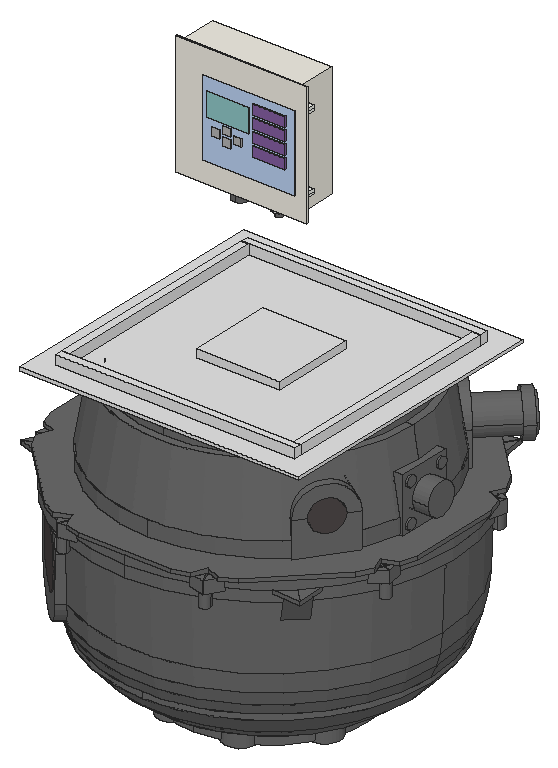
Revit family "280550x (200)", category Generic Models, Revit 2021 (continued)
Definition of nested family "280550x (200)_part2_X0Y0"
  Definition of nested family "280550x (200)_part2_content"
    Forms (mm)
      Extrusion 18, solid, detail levels medium+fine
        sketch origin (-222, -222, 468.5) x (0, 1, 0) y (0, 0, 1)
          loop
            line (0, 5) -> (0, 0) -> (444, 0) -> (444, 5) -> (0, 5)
        from 0 to 444
      Extrusion 19, solid, detail levels medium+fine
        sketch origin (-66, -66, 473.5) x (0, 1, 0) y (0, 0, 1)
          loop
            line (0, 12) -> (0, 0) -> (132, 0) -> (132, 12) -> (0, 12)
        from 0 to 132
      Extrusion 20, solid, detail levels medium+fine
        sketch origin (0, 60, 320) x (0, -1, 0) y (0, 0, 1)
          loop
            line (0, 50) -> (0, 0) -> (120, 0) -> (120, 50) -> (0, 50)
        from 0 to 245.5
      Extrusion 21, solid, detail levels medium+fine
        sketch origin (0, 0, 370) x (0, -1, 0) y (0, 0, 1)
          loop
            circle (0, 0) r 60
        from 0 to 245.5
      Extrusion 22, solid, detail levels medium+fine
        sketch origin (-244, 0, 370) x (0, -1, 0) y (0, 0, 1)
          loop
            circle (0, 0) r 35.1
        from 0 to 1.75
      Extrusion 23, solid, detail levels medium+fine
        sketch origin (31.82, -31.82, 320) x (-0.707107, 0.707107, 0) y (0, 0, 1)
          loop
            line (0, 55.25) -> (0, 0) -> (90, 0) -> (90, 55.25) -> (0, 55.25)
        from 0 to 245.5
      Extrusion 24, solid, detail levels medium+fine
        sketch origin (0, 0, 375.25) x (-0.707107, 0.707107, 0) y (0, 0, 1)
          loop
            circle (0, 0) r 45
        from 0 to 245.5
      Extrusion 25, solid, detail levels medium+fine
        sketch origin (0, 0, 370) x (-0.707107, 0.707107, 0) y (0, 0, 1)
          loop
            circle (0, 0) r 27.7
        from 0 to 311.36
      Extrusion 26, solid, detail levels medium+fine
        sketch origin (0, 27.5, 332.75) x (0, 1, 0) y (0, 0, 1)
          loop
            circle (0, 0) r 8
        from 0 to 250
      Extrusion 27, solid, detail levels medium+fine
        sketch origin (0, -46.25, 320) x (0, 1, 0) y (0, 0, 1)
          loop
            line (0, 86.5) -> (0, 0) -> (86.5, 0) -> (86.5, 86.5) -> (0, 86.5)
        from 0 to 245.5
      Extrusion 28, solid, detail levels medium+fine
        sketch origin (0, -3, 363.25) x (0, 1, 0) y (0, 0, 1)
          loop
            circle (0, 0) r 24.75
        from 0 to 272.5
      Extrusion 29, solid, detail levels medium+fine
        sketch origin (0, 27.5, 393.75) x (0, 1, 0) y (0, 0, 1)
          loop
            circle (0, 0) r 8
        from 0 to 250
      Extrusion 30, solid, detail levels medium+fine
        sketch origin (0, -33.5, 332.75) x (0, 1, 0) y (0, 0, 1)
          loop
            circle (0, 0) r 8
        from 0 to 250
      Extrusion 31, solid, detail levels medium+fine
        sketch origin (0, -33.5, 393.75) x (0, 1, 0) y (0, 0, 1)
          loop
            circle (0, 0) r 8
        from 0 to 250
      Extrusion 32, solid, detail levels medium+fine
        sketch origin (-25.811, -36.862, 320) x (0.573577, 0.819152, 0) y (0, 0, 1)
          loop
            line (0, 55.25) -> (0, 0) -> (90, 0) -> (90, 55.25)
            arc (90, 55.25) -> (45, 100.25) -> (0, 55.25) r 45
        from 0 to 245.5
      Extrusion 33, solid, detail levels medium+fine
        sketch origin (-25.811, -36.862, 320) x (0.573577, 0.819152, 0) y (0, 0, 1)
          loop
            line (-0.5, 55.25) -> (-0.5, -0.5) -> (90, -0.5) -> (90, 55.25) -> (-0.5, 55.25)
        from 0 to 245.5
      Extrusion 34, solid, detail levels medium+fine
        sketch origin (199.873, -139.953, 375.25) x (0.573577, 0.819152, 0) y (0, 0, 1)
          loop
            circle (0, 0) r 25
        from 0 to 1.75
      Extrusion 35, solid, detail levels medium+fine
        sketch origin (-53.002, 127.957, 0) x (-0.92388, -0.382683, 0) y (0.382683, -0.92388, 0)
          loop
            circle (0, 0) r 25
        from 0 to 28.5
      Extrusion 36, solid, detail levels medium+fine
        sketch origin (-127.957, -53.002, 0) x (0.382683, -0.92388, 0) y (0.92388, 0.382683, 0)
          loop
            circle (0, 0) r 25
        from 0 to 28.5
      Extrusion 37, solid, detail levels medium+fine
        sketch origin (53.002, -127.957, 0) x (0.92388, 0.382683, 0) y (-0.382683, 0.92388, 0)
          loop
            circle (0, 0) r 25
        from 0 to 28.5
      Extrusion 38, solid, detail levels medium+fine
        sketch origin (53.002, 127.957, 0) x (-0.923879, 0.382684, 0) y (-0.382684, -0.923879, 0)
          loop
            circle (0, 0) r 25
        from 0 to 28.5
      Extrusion 39, solid, detail levels medium+fine
        sketch origin (-127.957, 53.002, 0) x (-0.382684, -0.923879, 0) y (0.923879, -0.382684, 0)
          loop
            circle (0, 0) r 25
        from 0 to 28.5
      Extrusion 40, solid, detail levels medium+fine
        sketch origin (-53.002, -127.957, 0) x (0.923879, -0.382684, 0) y (0.382684, 0.923879, 0)
          loop
            circle (0, 0) r 25
        from 0 to 28.5
      Extrusion 41, solid, detail levels medium+fine
        sketch origin (127.957, -53.002, 0) x (0.382684, 0.923879, 0) y (-0.923879, 0.382684, 0)
          loop
            circle (0, 0) r 25
        from 0 to 28.5
      Extrusion 42, solid, detail levels medium+fine
        sketch origin (127.957, 53.002, 0) x (-0.382683, 0.92388, 0) y (-0.92388, -0.382683, 0)
          loop
            circle (0, 0) r 25
        from 0 to 28.5
      Extrusion 43, solid, detail levels medium+fine
        sketch origin (0, 0, 209) x (0, -1, 0) y (0, 0, 1)
          loop
            line (-72.693, 35.337) -> (-68.918, -37.767)
            arc (-68.918, -37.767) -> (-63.198, -56.139) -> (-50.593, -70.678) r 46.983
            line (-50.593, -70.678) -> (-49.193, -71.697)
            arc (-49.193, -71.697) -> (-25.794, -83.147) -> (0, -86.788) r 83.079
            arc (0, -86.788) -> (25.794, -83.147) -> (49.193, -71.697) r 83.079
            line (49.193, -71.697) -> (50.593, -70.678)
            arc (50.593, -70.678) -> (63.198, -56.139) -> (68.918, -37.767) r 46.983
            line (68.918, -37.767) -> (72.693, 35.337)
            arc (72.693, 35.337) -> (71.616, 38.805) -> (69.783, 41.939) r 15.989
            arc (69.783, 41.939) -> (60.032, 51.336) -> (48.652, 58.679) r 69.984
            line (48.652, 58.679) -> (47.252, 59.417)
            arc (47.252, 59.417) -> (24.369, 68.322) -> (0, 71.344) r 99.373
            arc (0, 71.344) -> (-24.369, 68.322) -> (-47.252, 59.417) r 99.373
            line (-47.252, 59.417) -> (-48.652, 58.679)
            arc (-48.652, 58.679) -> (-60.032, 51.336) -> (-69.783, 41.939) r 69.984
            arc (-69.783, 41.939) -> (-71.616, 38.805) -> (-72.693, 35.337) r 15.989
        from 0 to 277.5
      Extrusion 44, solid, detail levels medium+fine
        sketch origin (0, 0, 209) x (0, -1, 0) y (0, 0, 1)
          loop
            circle (0, 0) r 55
        from 0 to 326
      Extrusion 45, solid, detail levels medium+fine
        sketch origin (0, 0, 209) x (0.707107, -0.707107, 0) y (0, 0, 1)
          loop
            line (-72.693, 35.337) -> (-68.918, -37.767)
            arc (-68.918, -37.767) -> (-63.198, -56.139) -> (-50.593, -70.678) r 46.983
            line (-50.593, -70.678) -> (-49.193, -71.697)
            arc (-49.193, -71.697) -> (-25.794, -83.147) -> (0, -86.788) r 83.079
            arc (0, -86.788) -> (25.794, -83.147) -> (49.193, -71.697) r 83.079
            line (49.193, -71.697) -> (50.593, -70.678)
            arc (50.593, -70.678) -> (63.198, -56.139) -> (68.918, -37.767) r 46.983
            line (68.918, -37.767) -> (72.693, 35.337)
            arc (72.693, 35.337) -> (71.616, 38.805) -> (69.783, 41.939) r 15.989
            arc (69.783, 41.939) -> (60.032, 51.336) -> (48.652, 58.679) r 69.984
            line (48.652, 58.679) -> (47.252, 59.417)
            arc (47.252, 59.417) -> (24.369, 68.322) -> (0, 71.344) r 99.373
            arc (0, 71.344) -> (-24.369, 68.322) -> (-47.252, 59.417) r 99.373
            line (-47.252, 59.417) -> (-48.652, 58.679)
            arc (-48.652, 58.679) -> (-60.032, 51.336) -> (-69.783, 41.939) r 69.984
            arc (-69.783, 41.939) -> (-71.616, 38.805) -> (-72.693, 35.337) r 15.989
        from 0 to 277.5
      Extrusion 46, solid, detail levels medium+fine
        sketch origin (0, 0, 209) x (-0.707107, -0.707107, 0) y (0, 0, 1)
          loop
            line (-72.693, 35.337) -> (-68.918, -37.767)
            arc (-68.918, -37.767) -> (-63.198, -56.139) -> (-50.593, -70.678) r 46.983
            line (-50.593, -70.678) -> (-49.193, -71.697)
            arc (-49.193, -71.697) -> (-25.794, -83.147) -> (0, -86.788) r 83.079
            arc (0, -86.788) -> (25.794, -83.147) -> (49.193, -71.697) r 83.079
            line (49.193, -71.697) -> (50.593, -70.678)
            arc (50.593, -70.678) -> (63.198, -56.139) -> (68.918, -37.767) r 46.983
            line (68.918, -37.767) -> (72.693, 35.337)
            arc (72.693, 35.337) -> (71.616, 38.805) -> (69.783, 41.939) r 15.989
            arc (69.783, 41.939) -> (60.032, 51.336) -> (48.652, 58.679) r 69.984
            line (48.652, 58.679) -> (47.252, 59.417)
            arc (47.252, 59.417) -> (24.369, 68.322) -> (0, 71.344) r 99.373
            arc (0, 71.344) -> (-24.369, 68.322) -> (-47.252, 59.417) r 99.373
            line (-47.252, 59.417) -> (-48.652, 58.679)
            arc (-48.652, 58.679) -> (-60.032, 51.336) -> (-69.783, 41.939) r 69.984
            arc (-69.783, 41.939) -> (-71.616, 38.805) -> (-72.693, 35.337) r 15.989
        from 0 to 277.5
      Extrusion 47, solid, detail levels medium+fine
        sketch origin (-195.161, -195.161, 209) x (0.707107, -0.707107, 0) y (0, 0, 1)
          loop
            circle (0, 0) r 50.1
        from 0 to 1.75
      Extrusion 48, solid, detail levels medium+fine
        sketch origin (-195.162, 195.162, 209) x (-0.707107, -0.707107, 0) y (0, 0, 1)
          loop
            circle (0, 0) r 50.1
        from 0 to 1.75
      Extrusion 49, solid, detail levels medium+fine
        sketch origin (220.165, 220.165, 370) x (-0.707107, 0.707107, 0) y (0, 0, 1)
          loop
            circle (0, 0) r 34.75
        from 0 to 15.7
      Extrusion 50, solid, detail levels medium+fine
        sketch origin (230.559, 230.559, 370) x (-0.707107, 0.707107, 0) y (0, 0, 1)
          loop
            circle (0, 0) r 27.7
        from 0 to 4.8
      Extrusion 51, solid, detail levels medium+fine
        sketch origin (232.893, 232.893, 370) x (-0.707107, 0.707107, 0) y (0, 0, 1)
          loop
            circle (0, 0) r 20
        from 0 to 1.7
      Extrusion 52, solid, detail levels medium+fine
        sketch origin (240.105, 225.963, 364) x (-0.707107, 0.707107, 0) y (0, 0, 1)
          loop
            circle (0, 0) r 4.2
        from 0 to 1.8
      Extrusion 53, solid, detail levels medium+fine
        sketch origin (240.105, 225.963, 376) x (-0.707107, 0.707107, 0) y (0, 0, 1)
          loop
            circle (0, 0) r 4.2
        from 0 to 1.8
      Extrusion 54, solid, detail levels medium+fine
        sketch origin (225.963, 240.105, 376) x (-0.707107, 0.707107, 0) y (0, 0, 1)
          loop
            circle (0, 0) r 4.2
        from 0 to 1.8
      Extrusion 55, solid, detail levels medium+fine
        sketch origin (225.963, 240.105, 364) x (-0.707107, 0.707107, 0) y (0, 0, 1)
          loop
            circle (0, 0) r 4.2
        from 0 to 1.8
      Extrusion 56, solid, detail levels medium+fine
        sketch origin (-259.107, -87.843, 294.5) x (-0.92388, -0.382683, 0) y (0, 0, -1)
          loop
            line (0, 48.5) -> (0, 0) -> (29.9, 0) -> (0, 48.5)
        from 0 to 36
      Extrusion 57, solid, detail levels medium+fine
        sketch origin (-272.082, -112.7, 273) x (0.382683, -0.92388, 0) y (0.92388, 0.382683, 0)
          loop
            circle (0, 0) r 7.75
        from 0 to 21.5
      Extrusion 58, solid, detail levels medium+fine
        sketch origin (-265.153, -109.83, 300) x (-0.92388, -0.382683, 0) y (-0.382683, 0.92388, 0)
          loop
            line (36.5, 0) -> (0, 0) -> (0, -32) -> (36.5, 0)
        from 0 to 5.5
      Extrusion 59, solid, detail levels medium+fine
        sketch origin (-265.153, -109.83, 314) x (-0.92388, -0.382683, 0) y (-0.382683, 0.92388, 0)
          loop
            line (17, 0) -> (0, 0) -> (0, -25) -> (17, 0)
        from 0 to 14
      Extrusion 60, solid, detail levels medium+fine
        sketch origin (-265.153, -109.83, 294.5) x (-0.382683, 0.92388, 0) y (-0.92388, -0.382683, 0)
          loop
            line (0, 36.5) -> (0, 0) -> (32, 0) -> (0, 36.5)
        from 0 to 5.5
      Extrusion 61, solid, detail levels medium+fine
        sketch origin (-265.153, -109.83, 300) x (-0.382683, 0.92388, 0) y (-0.92388, -0.382683, 0)
          loop
            line (0, 17) -> (0, 0) -> (25, 0) -> (0, 17)
        from 0 to 14
      Extrusion 62, solid, detail levels medium+fine
        sketch origin (-245.331, 121.102, 294.5) x (-0.923879, 0.382684, 0) y (0, 0, -1)
          loop
            line (0, 48.5) -> (0, 0) -> (29.9, 0) -> (0, 48.5)
        from 0 to 36
      Extrusion 63, solid, detail levels medium+fine
        sketch origin (-272.082, 112.7, 273) x (-0.382684, -0.923879, 0) y (0.923879, -0.382684, 0)
          loop
            circle (0, 0) r 7.75
        from 0 to 21.5
      Extrusion 64, solid, detail levels medium+fine
        sketch origin (-265.153, 109.83, 300) x (-0.923879, 0.382684, 0) y (0.382684, 0.923879, 0)
          loop
            line (36.5, 0) -> (0, 0) -> (0, -32) -> (36.5, 0)
        from 0 to 5.5
      Extrusion 65, solid, detail levels medium+fine
        sketch origin (-265.153, 109.83, 314) x (-0.923879, 0.382684, 0) y (0.382684, 0.923879, 0)
          loop
            line (17, 0) -> (0, 0) -> (0, -25) -> (17, 0)
        from 0 to 14
      Extrusion 66, solid, detail levels medium+fine
        sketch origin (-265.153, 109.83, 294.5) x (0.382684, 0.923879, 0) y (-0.923879, 0.382684, 0)
          loop
            line (0, 36.5) -> (0, 0) -> (32, 0) -> (0, 36.5)
        from 0 to 5.5
      Extrusion 67, solid, detail levels medium+fine
        sketch origin (-265.153, 109.83, 300) x (0.382684, 0.923879, 0) y (-0.923879, 0.382684, 0)
          loop
            line (0, 17) -> (0, 0) -> (25, 0) -> (0, 17)
        from 0 to 14
      Extrusion 68, solid, detail levels medium+fine
        sketch origin (-190, 178, 473.5) x (0, 1, 0) y (0, 0, 1)
          loop
            line (0, 15) -> (0, 0) -> (12, 0) -> (12, 15) -> (0, 15)
        from 0 to 380
      Extrusion 69, solid, detail levels medium+fine
        sketch origin (-190, -190, 473.5) x (0, 1, 0) y (0, 0, 1)
          loop
            line (0, 15) -> (0, 0) -> (12, 0) -> (12, 15) -> (0, 15)
        from 0 to 380
      Extrusion 70, solid, detail levels medium+fine
        sketch origin (-190, -178, 473.5) x (0, 1, 0) y (0, 0, 1)
          loop
            line (0, 15) -> (0, 0) -> (356, 0) -> (356, 15) -> (0, 15)
        from 0 to 12
      Extrusion 71, solid, detail levels medium+fine
        sketch origin (178, -178, 473.5) x (0, 1, 0) y (0, 0, 1)
          loop
            line (0, 15) -> (0, 0) -> (356, 0) -> (356, 15) -> (0, 15)
        from 0 to 12
      Extrusion 72, solid, detail levels medium+fine
        sketch origin (180.312, -205.768, 294.5) x (0.707106, -0.707107, 0) y (0, 0, -1)
          loop
            line (0, 48.5) -> (0, 0) -> (29.9, 0) -> (0, 48.5)
        from 0 to 36
      Extrusion 73, solid, detail levels medium+fine
        sketch origin (202.939, -202.939, 300) x (0.707106, -0.707107, 0) y (-0.707107, -0.707106, 0)
          loop
            line (36.5, 0) -> (0, 0) -> (0, -32) -> (36.5, 0)
        from 0 to 5.5
      Extrusion 74, solid, detail levels medium+fine
        sketch origin (202.939, -202.939, 294.5) x (-0.707107, -0.707106, 0) y (0.707106, -0.707107, 0)
          loop
            line (0, 36.5) -> (0, 0) -> (32, 0) -> (0, 36.5)
        from 0 to 5.5
      Extrusion 75, solid, detail levels medium+fine
        sketch origin (171.331, 213.304, 294.5) x (0.573577, 0.819151, 0) y (0, 0, -1)
          loop
            line (0, 48.5) -> (0, 0) -> (29.9, 0) -> (0, 48.5)
        from 0 to 36
      Extrusion 76, solid, detail levels medium+fine
        sketch origin (164.616, 235.097, 294.5) x (0.819151, -0.573577, 0) y (0.573577, 0.819151, 0)
          loop
            line (0, 36.5) -> (0, 0) -> (32, 0) -> (0, 36.5)
        from 0 to 5.5
      Extrusion 77, solid, detail levels medium+fine
        sketch origin (164.616, 235.097, 300) x (0.573577, 0.819151, 0) y (0.819151, -0.573577, 0)
          loop
            line (36.5, 0) -> (0, 0) -> (0, -32) -> (36.5, 0)
        from 0 to 5.5
      Extrusion 78, solid, detail levels medium+fine
        sketch origin (109.83, 265.153, 294.5) x (0.923879, -0.382684, 0) y (0.382684, 0.923879, 0)
          loop
            line (0, 17) -> (0, 0) -> (25, 0) -> (0, 17)
        from 0 to 19.5
      Extrusion 79, solid, detail levels medium+fine
        sketch origin (112.7, 272.082, 273) x (-0.923879, 0.382684, 0) y (-0.382684, -0.923879, 0)
          loop
            circle (0, 0) r 7.75
        from 0 to 21.5
      Extrusion 80, solid, detail levels medium+fine
        sketch origin (109.83, 265.153, 314) x (0.382684, 0.923879, 0) y (0.923879, -0.382684, 0)
          loop
            line (17, 0) -> (0, 0) -> (0, -25) -> (17, 0)
        from 0 to 19.5
      Extrusion 81, solid, detail levels medium+fine
        sketch origin (272.082, 112.7, 273) x (-0.382683, 0.92388, 0) y (-0.92388, -0.382683, 0)
          loop
            circle (0, 0) r 7.75
        from 0 to 21.5
      Extrusion 82, solid, detail levels medium+fine
        sketch origin (265.153, 109.83, 314) x (0.92388, 0.382683, 0) y (0.382683, -0.92388, 0)
          loop
            line (17, 0) -> (0, 0) -> (0, -25) -> (17, 0)
        from 0 to 19.5
      Extrusion 83, solid, detail levels medium+fine
        sketch origin (265.153, 109.83, 294.5) x (0.382683, -0.92388, 0) y (0.92388, 0.382683, 0)
          loop
            line (0, 17) -> (0, 0) -> (25, 0) -> (0, 17)
        from 0 to 19.5
      Extrusion 84, solid, detail levels medium+fine
        sketch origin (-112.7, 272.082, 273) x (-0.92388, -0.382683, 0) y (0.382683, -0.92388, 0)
          loop
            circle (0, 0) r 7.75
        from 0 to 21.5
      Extrusion 85, solid, detail levels medium+fine
        sketch origin (-109.83, 265.153, 314) x (-0.382683, 0.92388, 0) y (0.92388, 0.382683, 0)
          loop
            line (17, 0) -> (0, 0) -> (0, -25) -> (17, 0)
        from 0 to 19.5
      Extrusion 86, solid, detail levels medium+fine
        sketch origin (-109.83, 265.153, 294.5) x (0.92388, 0.382683, 0) y (-0.382683, 0.92388, 0)
          loop
            line (0, 17) -> (0, 0) -> (25, 0) -> (0, 17)
        from 0 to 19.5
      Extrusion 87, solid, detail levels medium+fine
        sketch origin (272.082, -112.7, 273) x (0.382684, 0.923879, 0) y (-0.923879, 0.382684, 0)
          loop
            circle (0, 0) r 7.75
        from 0 to 21.5
      Extrusion 88, solid, detail levels medium+fine
        sketch origin (265.153, -109.83, 294.5) x (-0.382684, -0.923879, 0) y (0.923879, -0.382684, 0)
          loop
            line (0, 17) -> (0, 0) -> (25, 0) -> (0, 17)
        from 0 to 19.5
      Extrusion 89, solid, detail levels medium+fine
        sketch origin (265.153, -109.83, 314) x (0.923879, -0.382684, 0) y (-0.382684, -0.923879, 0)
          loop
            line (17, 0) -> (0, 0) -> (0, -25) -> (17, 0)
        from 0 to 19.5
      Extrusion 90, solid, detail levels medium+fine
        sketch origin (112.7, -272.082, 273) x (0.92388, 0.382683, 0) y (-0.382683, 0.92388, 0)
          loop
            circle (0, 0) r 7.75
        from 0 to 21.5
      Extrusion 91, solid, detail levels medium+fine
        sketch origin (109.83, -265.153, 314) x (0.382683, -0.92388, 0) y (-0.92388, -0.382683, 0)
          loop
            line (17, 0) -> (0, 0) -> (0, -25) -> (17, 0)
        from 0 to 19.5
      Extrusion 92, solid, detail levels medium+fine
        sketch origin (109.83, -265.153, 294.5) x (-0.92388, -0.382683, 0) y (0.382683, -0.92388, 0)
          loop
            line (0, 17) -> (0, 0) -> (25, 0) -> (0, 17)
        from 0 to 19.5
      Extrusion 93, solid, detail levels medium+fine
        sketch origin (-112.7, -272.082, 273) x (0.923879, -0.382684, 0) y (0.382684, 0.923879, 0)
          loop
            circle (0, 0) r 7.75
        from 0 to 21.5
      Extrusion 94, solid, detail levels medium+fine
        sketch origin (-109.83, -265.153, 294.5) x (-0.923879, 0.382684, 0) y (-0.382684, -0.923879, 0)
          loop
            line (0, 17) -> (0, 0) -> (25, 0) -> (0, 17)
        from 0 to 19.5
      Extrusion 95, solid, detail levels medium+fine
        sketch origin (-109.83, -265.153, 314) x (-0.382684, -0.923879, 0) y (-0.923879, 0.382684, 0)
          loop
            line (17, 0) -> (0, 0) -> (0, -25) -> (17, 0)
        from 0 to 19.5
      Extrusion 96, solid, detail levels coarse
        sketch origin (-17.478, 0, 0) x (1, 0, 0) y (0, 1, 0)
          loop
            line (-308.522, -291.044) -> (308.522, -291.044) -> (308.522, 291.044) -> (-308.522, 291.044) -> (-308.522, -291.044)
        from 0 to 488.5
    Dimensions and locks
      aligned and locked: level to plane 2
